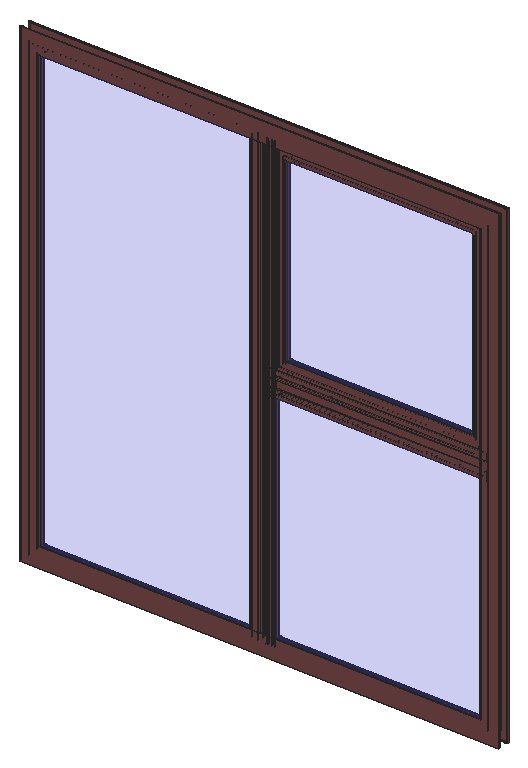
Revit family "PT, PS, 129, 159, 189, 219, 249, 1212, 1512,1215,1515,1815,1218,1518,1818 ", category Windows, host Wall, Revit 2016
Family settings
  Host = Wall
  OmniClass Number = 23.30.20.00
  OmniClass Title = Windows
  Always vertical = Yes
  Cut with Voids When Loaded = No
  Shared = No
  Room Calculation Point = No
Parameters (values of type "PT Type- 1212")
  URL = "http://www.robmeg.co.za/"
  Top hung = yes
  Side hung = no
  Side Glazing thickness = 4 mm
  Rough Height = 1219.2 mm
  Plaster = 5 mm
  Model = "PT 1212"
  Manufacturer = "Robmeg"  # constant formula
  Height = 1210 mm
  Glazing = Glass
  Description = "Anodized Aluminium"
  Default Sill Height = 914.4 mm
  Wall Closure = By host
  Width = 1210 mm
  Centre vert mullion = 610 mm
  Bottom mullion = 605 mm
  Bottom glazing thickness = 4 mm
  Author = "Inside"
  Aluminium anodized = Aluminium
Types (14, lengths in mm): name | Top hung | Side hung | Side Glazing thickness | Model | Height | Description | Width | Centre vert mullion | Bottom mullion | Bottom glazing thickness | Author
  (no name) | yes | no | 4 | "PT 1212" | 1210 | "Anodized Aluminium" | 1210 | 610 | 605 | 4 | "Inside"
  PT Type- 129 | yes | no | 4 | "PT 129" | 910 | "Anodized Aluminium" | 1210 | 610 | 300 | 4 | "Inside"
  PT Type- 159 | yes | no | 4 | "PT 159" | 910 | "Anodized Aluminium" | 1510 | 610 | 300 | 4 | "Inside"
  PT Type- 189 | yes | no | 4 | "PT 189" | 910 | "Anodized Alumium" | 1810 | 905 | 300 | 4 | "Inside"
  PT Type- 219 | no | yes | 4 | "PT 219" | 910 | "Anodized Alumium" | 2110 | 905 | 300 | 4 | "Inside"
  PT Type- 249 | no | yes | 4 | "PT 249" | 910 | "Anodized Alumium" | 2410 | 905 | 300 | 4 | "Inside"
  PS Type- 1215 | no | yes | 4 | "PS 1215" | 1510 | "Anodized Aluminium" | 1210 | 605 | 300 | 4 | ""
  PS Type-1515 | no | yes | 4 | "PS 1515" | 1510 | "Anodized Aluminium" | 1510 | 605 | 300 | 4 | "Inside"
  PS Type- 1815 | no | yes | 4 | "PS 1815" | 1510 | "Anodized Aluminium" | 1810 | 605 | 300 | 4 | "Inside"
  PS Type- 1218 | no | yes | 6 | "PS 1218" | 1510 | "Anodized Aluminium" | 1210 | 605 | 500 | 6 | "Inside"
  PS Type-1518 | no | yes | 6 | "PS 1518" | 1510 | "Anodized Aluminium" | 1510 | 605 | 500 | 6 | "Inside"
  PS Type- 1818 | no | yes | 6 | "PS 1818" | 1510 | "Anodized Aluminium" | 1810 | 605 | 500 | 6 | "Inside"
  PT Type- 1212 | yes | no | 4 | "PT 1212" | 1210 | "Anodized Aluminium" | 1210 | 610 | 605 | 4 | "Inside"
  PT Type- 1512 | yes | no | 4 | "PT 1512" | 1210 | "Anodized Aluminium" | 1510 | 610 | 605 | 4 | "Inside"
Reference planes
  plane 1 "Center (Front/Back)": y = 0
  plane 2: z = 0
  plane 3 "Center (Left/Right)": x = 0
  plane 4 "Left": x = -605
  plane 5 "Right": x = 605
  plane 6 "Sill": z = 914.4
  plane 7 "Top": z = 2124.4
  plane 8: x = -600
  plane 9: z = 2119.4
  plane 10: z = 919.4
  plane 11: x = 600
  plane 12 "Glass start": y = 1
  plane 13 "Glass end": y = -3
  plane 14: z = 1824.4
  plane 15: x = 297.5
  plane 16: x = -10
  plane 17: z = 1524.4
Forms (mm)
  Sweep 1, solid, material "Aluminium" <- "Aluminium anodized"
    path origin (0, 0, 0) x (1, 0, 0) y (0, 0, 1)
      loop
        line (600, 2119.4) -> (-600, 2119.4) -> (-600, 919.4) -> (600, 919.4) -> (600, 2119.4)
    profile "51741 : 51741" origin (0, 0, 2119.4) x (0, 0, -1) y (0, -1, 0)
      loop
        line (26.815, -14.05) -> (20.535, -14.05) -> (20.535, -10.19) -> (21.815, -10.19) -> (21.815, -7.3) -> (19.535, -7.3) -> (19.535, -14.05) -> (1.135, -14.05) -> (1.135, -10.95)
        arc (1.135, -10.95) -> (0.286, -11.301) -> (-0.065, -12.15) r 1.2
        line (-0.065, -12.15) -> (-0.065, -15.25) -> (30.515, -15.25) -> (30.515, -12.384) -> (28.015, -13.827) -> (28.015, 14.05) -> (29.515, 14.05) -> (29.515, 11.75)
        arc (29.515, 11.75) -> (30.015, 11.25) -> (30.515, 11.75) r 0.5
        line (30.515, 11.75) -> (30.515, 14.05) -> (39.515, 14.05) -> (39.515, 11.65) -> (41.896, 11.65) -> (41.896, 12.85) -> (40.715, 12.85) -> (40.715, 14.05) -> (46.215, 14.05) -> (46.215, 12.85) -> (45.215, 12.85) -> (45.215, 11.65) -> (47.415, 11.65) -> (47.415, 15.25) -> (-0.065, 15.25) -> (-0.065, 12.15)
        arc (-0.065, 12.15) -> (0.334, 11.455) -> (1.135, 11.45) r 0.804
        line (1.135, 11.45) -> (1.135, 14.05) -> (19.535, 14.05) -> (19.535, 7.3) -> (21.815, 7.3) -> (21.815, 10.19) -> (20.535, 10.19) -> (20.535, 14.05) -> (26.815, 14.05) -> (26.815, -14.05)
  Sweep 2, solid, material "Aluminium" <- "Aluminium anodized"
    path origin (0, 0, 0) x (1, 0, 0) y (0, 0, 1)
      loop
        line (600, 2119.4) -> (-10, 2119.4) -> (-10, 1524.4) -> (600, 1524.4) -> (600, 2119.4)
    profile "H10197 : H10197" origin (295, 0, 2119.4) x (0, 0, -1) y (0, -1, 0)
      loop
        line (43.095, 8.408) -> (43.095, -19.692) -> (49.375, -19.692) -> (49.375, -14.812)
        arc (49.375, -14.812) -> (48.125, -13.562) -> (49.375, -12.312) r 1.25
        line (49.375, -12.312) -> (49.375, 1.008)
        arc (49.375, 1.008) -> (48.125, 2.258) -> (49.375, 3.508) r 1.25
        line (49.375, 3.508) -> (49.375, 8.408) -> (43.095, 8.408)
      loop
        line (41.895, 8.128) -> (41.895, -5.218) -> (41.895, -19.692) -> (40.495, -19.692) -> (40.495, -17.512)
        arc (40.495, -17.512) -> (39.995, -17.012) -> (39.495, -17.512) r 0.5
        line (39.495, -17.512) -> (39.495, -19.692) -> (30.495, -19.692) -> (30.495, -17.492) -> (28.345, -17.492)
        arc (28.345, -17.492) -> (27.845, -17.992) -> (28.345, -18.492) r 0.5
        line (28.345, -18.492) -> (29.295, -18.492) -> (29.295, -19.692) -> (23.795, -19.692) -> (23.795, -18.378) -> (24.706, -18.378)
        arc (24.706, -18.378) -> (25.206, -17.878) -> (24.706, -17.378) r 0.5
        line (24.706, -17.378) -> (23.784, -17.378)
        arc (23.784, -17.378) -> (23.137, -16.895) -> (22.595, -17.493) r 0.6
        line (22.595, -17.493) -> (22.595, -20.892) -> (53.175, -20.892) -> (53.175, -18.892)
        arc (53.175, -18.892) -> (51.875, -18.322) -> (50.575, -18.892) r 1.767
        line (50.575, -18.892) -> (50.575, -6.066) -> (50.575, 7.908)
        arc (50.575, 7.908) -> (51.375, 8.708) -> (52.175, 7.908) r 0.8
        line (52.175, 7.908) -> (52.175, 6.228)
        arc (52.175, 6.228) -> (52.675, 5.728) -> (53.175, 6.228) r 0.5
        line (53.175, 6.228) -> (53.175, 8.408) -> (62.175, 8.408) -> (62.175, 6.208) -> (64.325, 6.208)
        arc (64.325, 6.208) -> (64.825, 6.708) -> (64.325, 7.208) r 0.5
        line (64.325, 7.208) -> (63.375, 7.208) -> (63.375, 8.408) -> (68.875, 8.408) -> (68.875, 7.208) -> (67.925, 7.208)
        arc (67.925, 7.208) -> (67.425, 6.708) -> (67.925, 6.208) r 0.5
        line (67.925, 6.208) -> (68.875, 6.208)
        arc (68.875, 6.208) -> (69.474, 5.608) -> (70.075, 6.207) r 0.6
        line (70.075, 6.207) -> (70.075, 9.608) -> (39.495, 9.608) -> (39.495, 6.742) -> (41.895, 8.128)
  Sweep 3, solid, material "Aluminium" <- "Aluminium anodized"
    path origin (0, 0, 0) x (1, 0, 0) y (0, 0, 1)
      loop
        line (-10, 2119.4) -> (-10, 1524.4) -> (600, 1524.4) -> (600, 2119.4) -> (-10, 2119.4)
    profile "glazing gasket : glazing gasket" origin (-10, 0, 1821.9) x (1, 0, 0) y (0, -1, 0)
      loop
        line (53.254, -17.23) -> (53.254, -20.244) -> (69.855, -5.509)
        arc (69.855, -5.509) -> (69.76, -4.756) -> (69.092, -5.117) r 0.46
        line (69.092, -5.117) -> (67.564, -6.473) -> (66.198, -4.108) -> (65.274, -4.108) -> (66.736, -6.639) -> (61.74, -6.639) -> (63.22, -4.077) -> (51.988, -4.077) -> (51.988, 8.186) -> (51.188, 8.186) -> (51.188, -4.877) -> (61.834, -4.877) -> (60.355, -7.439) -> (66.475, -7.439) -> (54.054, -18.464) -> (54.054, -15.845) -> (50.954, -17.634) -> (50.954, -18.558) -> (53.254, -17.23)
  Extrusion 4, solid, material "Glass" <- "Glazing"
    sketch origin (0, 0, 914.4) x (0, -1, 0) y (1, 0, 0)
      loop
        line (-1, 44.054) -> (3, 44.054) -> (3, 545.946) -> (-1, 545.946) -> (-1, 44.054)
    from 664.054 to 1150.946
  Sweep 5, solid, material "Aluminium" <- "Aluminium anodized"
    path origin (0, 0, 0) x (1, 0, 0) y (0, 0, 1)
      loop
        line (-10, 949.915) -> (-10, 2088.885)
    profile "H10196 : H10196" origin (-10, 0, 1519.4) x (-1, 0, 0) y (0, -1, 0)
      loop
        line (-26.642, -14.247) -> (-6.442, -14.247) -> (-6.442, -4.217)
        arc (-6.442, -4.217) -> (-6.571, -3.479) -> (-7.319, -3.432) r 0.606
        arc (-7.319, -3.432) -> (-9.371, -3.891) -> (-11.294, -3.04) r 3.36
        arc (-11.294, -3.04) -> (-11.351, -1.925) -> (-10.235, -1.868) r 0.79
        arc (-10.235, -1.868) -> (-7.262, -0.547) -> (-10.235, 0.774) r 1.78
        arc (-10.235, 0.774) -> (-11.351, 0.83) -> (-11.294, 1.946) r 0.79
        arc (-11.294, 1.946) -> (-9.49, 2.783) -> (-7.529, 2.453) r 3.36
        arc (-7.529, 2.453) -> (-6.798, 2.484) -> (-6.442, 3.123) r 0.75
        line (-6.442, 3.123) -> (-6.442, 9.653) -> (-26.642, 9.653) -> (-26.642, 3.123)
        arc (-26.642, 3.123) -> (-26.285, 2.484) -> (-25.554, 2.453) r 0.75
        arc (-25.554, 2.453) -> (-23.593, 2.783) -> (-21.789, 1.946) r 3.36
        arc (-21.789, 1.946) -> (-21.733, 0.83) -> (-22.848, 0.774) r 0.79
        arc (-22.848, 0.774) -> (-25.822, -0.547) -> (-22.848, -1.868) r 1.78
        arc (-22.848, -1.868) -> (-21.733, -1.925) -> (-21.789, -3.04) r 0.79
        arc (-21.789, -3.04) -> (-23.593, -3.877) -> (-25.554, -3.548) r 3.36
        arc (-25.554, -3.548) -> (-26.285, -3.579) -> (-26.642, -4.217) r 0.75
        line (-26.642, -4.217) -> (-26.642, -14.247)
      loop
        line (-30.542, -15.547) -> (-2.542, -15.547) -> (-2.542, -12.681) -> (-5.142, -14.182) -> (-5.142, -2.597) -> (-5.942, -1.797) -> (-5.942, 0.903) -> (-5.142, 1.503) -> (-5.142, 13.153)
        arc (-5.142, 13.153) -> (-4.342, 13.653) -> (-3.542, 13.153) r 0.89
        line (-3.542, 13.153) -> (-3.542, 11.653)
        arc (-3.542, 11.653) -> (-3.042, 11.153) -> (-2.542, 11.653) r 0.5
        line (-2.542, 11.653) -> (-2.542, 13.653) -> (6.258, 13.653) -> (6.258, 11.604) -> (8.477, 11.604)
        arc (8.477, 11.604) -> (8.933, 12.012) -> (8.508, 12.453) r 0.425
        line (8.508, 12.453) -> (7.558, 12.453) -> (7.558, 13.653) -> (13.058, 13.653) -> (13.058, 12.453) -> (12.108, 12.453)
        arc (12.108, 12.453) -> (11.683, 12.028) -> (12.108, 11.603) r 0.425
        line (12.108, 11.603) -> (13.058, 11.603)
        arc (13.058, 11.603) -> (13.708, 10.953) -> (14.358, 11.603) r 0.65
        line (14.358, 11.603) -> (14.358, 14.953) -> (-6.442, 14.953) -> (-6.442, 10.953) -> (-26.642, 10.953) -> (-26.642, 14.953) -> (-47.442, 14.953) -> (-47.442, 11.603)
        arc (-47.442, 11.603) -> (-46.792, 10.953) -> (-46.142, 11.603) r 0.65
        line (-46.142, 11.603) -> (-45.192, 11.603)
        arc (-45.192, 11.603) -> (-44.767, 12.028) -> (-45.192, 12.453) r 0.425
        line (-45.192, 12.453) -> (-46.142, 12.453) -> (-46.142, 13.653) -> (-40.642, 13.653) -> (-40.642, 12.453) -> (-41.592, 12.453)
        arc (-41.592, 12.453) -> (-42.016, 12.012) -> (-41.56, 11.604) r 0.425
        line (-41.56, 11.604) -> (-39.342, 11.604) -> (-39.342, 13.653) -> (-30.542, 13.653) -> (-30.542, 11.653)
        arc (-30.542, 11.653) -> (-30.042, 11.153) -> (-29.542, 11.653) r 0.5
        line (-29.542, 11.653) -> (-29.542, 13.153)
        arc (-29.542, 13.153) -> (-28.742, 13.653) -> (-27.942, 13.153) r 0.89
        line (-27.942, 13.153) -> (-27.942, 1.503) -> (-27.142, 0.903) -> (-27.142, -1.997) -> (-27.942, -2.597) -> (-27.942, -14.182) -> (-30.542, -12.681) -> (-30.542, -15.547)
  Sweep 6, solid, material "Aluminium" <- "Aluminium anodized"
    path origin (0, 0, 0) x (1, 0, 0) y (0, 0, 1)
      loop
        line (-560.485, 958.915) -> (-16.258, 958.915) -> (-16.258, 2079.885) -> (-560.485, 2079.885) -> (-560.485, 958.915)
    profile "glazing gasket : glazing gasket" origin (-560.485, 0, 1519.4) x (-1, 0, 0) y (0, -1, 0)
      loop
        line (8.795, -11.988) -> (11.095, -13.316) -> (11.095, -12.392) -> (7.995, -10.603) -> (7.995, -13.222) -> (-4.427, -2.197) -> (1.694, -2.197) -> (0.214, 0.365) -> (10.86, 0.365) -> (10.86, 13.428) -> (10.06, 13.428) -> (10.06, 1.165) -> (-1.171, 1.165) -> (0.308, -1.397) -> (-4.687, -1.397) -> (-3.226, 1.134) -> (-4.15, 1.134) -> (-5.515, -1.231) -> (-7.043, 0.125)
        arc (-7.043, 0.125) -> (-7.711, 0.486) -> (-7.806, -0.267) r 0.46
        line (-7.806, -0.267) -> (8.795, -15.002) -> (8.795, -11.988)
  Extrusion 7, solid, material "Glass" <- "Glazing"
    sketch origin (-540.855, -3, 1219.2) x (-1, 0, 0) y (0, 0, 1)
      loop
        line (-530.855, 868.68) -> (-530.855, -268.28) -> (27.625, -268.28) -> (27.625, 868.68) -> (-530.855, 868.68)
    from 0 to -4
  Sweep 8, solid, material "Aluminium" <- "Aluminium anodized"
    path origin (0, 0, 0) x (1, 0, 0) y (0, 0, 1)
      loop
        line (569.485, 1524.4) -> (20.542, 1524.4)
    profile "H10196 : H10196" origin (295.013, 0, 1524.4) x (0, 0, -1) y (0, -1, 0)
      loop
        line (-26.639, -13.989) -> (-6.439, -13.989) -> (-6.439, -3.959)
        arc (-6.439, -3.959) -> (-6.568, -3.221) -> (-7.316, -3.174) r 0.606
        arc (-7.316, -3.174) -> (-9.368, -3.633) -> (-11.291, -2.782) r 3.36
        arc (-11.291, -2.782) -> (-11.348, -1.667) -> (-10.232, -1.61) r 0.79
        arc (-10.232, -1.61) -> (-7.259, -0.289) -> (-10.232, 1.032) r 1.78
        arc (-10.232, 1.032) -> (-11.348, 1.088) -> (-11.291, 2.204) r 0.79
        arc (-11.291, 2.204) -> (-9.487, 3.041) -> (-7.526, 2.711) r 3.36
        arc (-7.526, 2.711) -> (-6.795, 2.742) -> (-6.439, 3.381) r 0.75
        line (-6.439, 3.381) -> (-6.439, 9.911) -> (-26.639, 9.911) -> (-26.639, 3.381)
        arc (-26.639, 3.381) -> (-26.282, 2.742) -> (-25.551, 2.711) r 0.75
        arc (-25.551, 2.711) -> (-23.59, 3.041) -> (-21.786, 2.204) r 3.36
        arc (-21.786, 2.204) -> (-21.73, 1.088) -> (-22.845, 1.032) r 0.79
        arc (-22.845, 1.032) -> (-25.819, -0.289) -> (-22.845, -1.61) r 1.78
        arc (-22.845, -1.61) -> (-21.73, -1.667) -> (-21.786, -2.782) r 0.79
        arc (-21.786, -2.782) -> (-23.59, -3.619) -> (-25.551, -3.29) r 3.36
        arc (-25.551, -3.29) -> (-26.282, -3.321) -> (-26.639, -3.959) r 0.75
        line (-26.639, -3.959) -> (-26.639, -13.989)
      loop
        line (-30.539, -15.289) -> (-2.539, -15.289) -> (-2.539, -12.423) -> (-5.139, -13.924) -> (-5.139, -2.339) -> (-5.939, -1.539) -> (-5.939, 1.161) -> (-5.139, 1.761) -> (-5.139, 13.411)
        arc (-5.139, 13.411) -> (-4.339, 13.911) -> (-3.539, 13.411) r 0.89
        line (-3.539, 13.411) -> (-3.539, 11.911)
        arc (-3.539, 11.911) -> (-3.039, 11.411) -> (-2.539, 11.911) r 0.5
        line (-2.539, 11.911) -> (-2.539, 13.911) -> (6.261, 13.911) -> (6.261, 11.862) -> (8.48, 11.862)
        arc (8.48, 11.862) -> (8.936, 12.27) -> (8.511, 12.711) r 0.425
        line (8.511, 12.711) -> (7.561, 12.711) -> (7.561, 13.911) -> (13.061, 13.911) -> (13.061, 12.711) -> (12.111, 12.711)
        arc (12.111, 12.711) -> (11.686, 12.286) -> (12.111, 11.861) r 0.425
        line (12.111, 11.861) -> (13.061, 11.861)
        arc (13.061, 11.861) -> (13.711, 11.211) -> (14.361, 11.861) r 0.65
        line (14.361, 11.861) -> (14.361, 15.211) -> (-6.439, 15.211) -> (-6.439, 11.211) -> (-26.639, 11.211) -> (-26.639, 15.211) -> (-47.439, 15.211) -> (-47.439, 11.861)
        arc (-47.439, 11.861) -> (-46.789, 11.211) -> (-46.139, 11.861) r 0.65
        line (-46.139, 11.861) -> (-45.189, 11.861)
        arc (-45.189, 11.861) -> (-44.764, 12.286) -> (-45.189, 12.711) r 0.425
        line (-45.189, 12.711) -> (-46.139, 12.711) -> (-46.139, 13.911) -> (-40.639, 13.911) -> (-40.639, 12.711) -> (-41.589, 12.711)
        arc (-41.589, 12.711) -> (-42.013, 12.27) -> (-41.557, 11.862) r 0.425
        line (-41.557, 11.862) -> (-39.339, 11.862) -> (-39.339, 13.911) -> (-30.539, 13.911) -> (-30.539, 11.911)
        arc (-30.539, 11.911) -> (-30.039, 11.411) -> (-29.539, 11.911) r 0.5
        line (-29.539, 11.911) -> (-29.539, 13.411)
        arc (-29.539, 13.411) -> (-28.739, 13.911) -> (-27.939, 13.411) r 0.89
        line (-27.939, 13.411) -> (-27.939, 1.761) -> (-27.139, 1.161) -> (-27.139, -1.739) -> (-27.939, -2.339) -> (-27.939, -13.924) -> (-30.539, -12.423) -> (-30.539, -15.289)
  Sweep 9, solid, material "Aluminium" <- "Aluminium anodized"
    path origin (0, 0, 0) x (1, 0, 0) y (0, 0, 1)
      loop
        line (560.485, 958.915) -> (560.485, 1518.139) -> (29.342, 1518.139) -> (29.342, 958.915) -> (560.485, 958.915)
    profile "glazing gasket : glazing gasket" origin (294.913, 0, 958.915) x (0, 0, -1) y (0, -1, 0)
      loop
        line (8.769, -11.859) -> (11.069, -13.187) -> (11.069, -12.263) -> (7.969, -10.473) -> (7.969, -13.093) -> (-4.453, -2.068) -> (1.668, -2.068) -> (0.189, 0.495) -> (10.835, 0.495) -> (10.835, 13.557) -> (10.035, 13.557) -> (10.035, 1.295) -> (-1.197, 1.295) -> (0.283, -1.268) -> (-4.713, -1.268) -> (-3.251, 1.264) -> (-4.175, 1.264) -> (-5.541, -1.102) -> (-7.069, 0.254)
        arc (-7.069, 0.254) -> (-7.737, 0.615) -> (-7.832, -0.138) r 0.46
        line (-7.832, -0.138) -> (8.769, -14.873) -> (8.769, -11.859)
  Extrusion 10, solid, material "Glass" <- "Glazing"
    sketch origin (-540.855, -3, 1219.2) x (-1, 0, 0) y (0, 0, 1)
      loop
        line (-1109.309, 306.908) -> (-1109.309, -268.254) -> (-562.228, -268.254) -> (-562.228, 306.908) -> (-1109.309, 306.908)
    from 0 to -4
Lines and regions (mm)
  Opening 1
    outline origin (-1524, -76.2, 0) x (1, 0, 0) y (0, 0, 1)
      loop
        line (919, 2124.4) -> (919, 914.4) -> (2129, 914.4) -> (2129, 2124.4) -> (919, 2124.4)
  symbolic lines, style "Elevation Swing", visible <- "Top hung"
    curve 1: line (577.426, 0, 2096.826) -> (295.013, 0, 1526.939)
    curve 2: line (295.013, 0, 1526.939) -> (12.574, 0, 2096.826)
  symbolic lines, style "Elevation Swing", visible <- "Side hung"
    curve 3: line (577.426, 0, 2096.826) -> (-7.464, 0, 1828.55)
    curve 4: line (-7.464, 0, 1828.55) -> (577.426, 0, 1546.974)
Text (mm)
  text "EXTERIOR" at (-1490.695, 1293.036, 0), in view "Ref. Level"
  text "INTERIOR" at (-1490.695, -959.266, 0), in view "Ref. Level"
  text "Exterior" at (0, 1108.87, 3129.179), in view "Left"
  text "Exterior" at (0, 464.664, 3176.206), in view "Right"
Dimensions and locks
  equal spacing: plane 4 "Left", plane 3 "Center (Left/Right)", plane 5 "Right"
  "Width": plane 4 "Left" to plane 5 "Right"
  "Height": plane 6 "Sill" to plane 7 "Top"
  "Default Sill Height": plane 2 to plane 6 "Sill"
  "Plaster": plane 9 to plane 7 "Top"
  "Plaster": plane 6 "Sill" to plane 10
  "Plaster": plane 11 to plane 5 "Right"
  "Plaster": plane 4 "Left" to plane 8
  equal spacing: plane 17, plane 14, plane 7 "Top"
  "Centre vert mullion": plane 16 to plane 11
  equal spacing: plane 16, plane 15, plane 5 "Right"
  "Bottom mullion": plane 10 to plane 17
  "Bottom glazing thickness": Extrusion 10 to Extrusion 10
  "Side Glazing thickness": Extrusion 7 to Extrusion 7
  aligned and locked: plane 7 "Top" to Opening 1 sketch curve
  aligned and locked: plane 6 "Sill" to Opening 1 sketch curve  (x2)
  aligned and locked: plane 5 "Right" to Opening 1 sketch curve
  aligned and locked: plane 4 "Left" to Opening 1 sketch curve
  aligned and locked: level to plane 2
  aligned and locked: plane 9 to Sweep 1 sketch curve
  aligned and locked: plane 11 to Sweep 1 sketch curve
  aligned and locked: plane 10 to Sweep 1 sketch curve
  aligned and locked: plane 8 to Sweep 1 sketch curve
  aligned and locked: plane 9 to Sweep 2 sketch curve
  aligned and locked: plane 11 to Sweep 2 sketch curve
  aligned and locked: plane 9 to Sweep 3 sketch curve
  aligned and locked: plane 11 to Sweep 3 sketch curve
  aligned and locked: plane 12 "Glass start" to Extrusion 4 sketch curve
  aligned and locked: Extrusion 4 sketch curve to plane 13 "Glass end"
  aligned and locked: Sweep 3 to Extrusion 4 sketch curve
  aligned and locked: Extrusion 4 sketch curve to Sweep 3
  aligned and locked: Extrusion 4 to Sweep 3
  aligned and locked: Sweep 3 to Extrusion 4
  aligned and locked: Sweep 1 to Sweep 5 sketch curve  (x2)
  aligned and locked: Sweep 6 sketch curve to Sweep 1  (x3)
  aligned and locked: Sweep 6 sketch curve to Sweep 5
  aligned and locked: Sweep 6 to Extrusion 7  (x2)
  aligned and locked: Extrusion 7 to Sweep 6
  aligned and locked: Sweep 5 sketch curve to plane 16
  aligned and locked: Sweep 2 sketch curve to plane 16
  aligned and locked: Sweep 3 sketch curve to plane 16
  aligned and locked: Extrusion 7 to plane 16
  aligned and locked: plane 17 to Sweep 2 sketch curve
  aligned and locked: plane 17 to Sweep 3 sketch curve
  aligned and locked: plane 17 to Sweep 8 sketch curve
  aligned and locked: Sweep 1 to Sweep 8 sketch curve
  aligned and locked: Sweep 5 to Sweep 8 sketch curve
  aligned and locked: Sweep 9 sketch curve to Sweep 1  (x2)
  aligned and locked: Sweep 9 sketch curve to Sweep 8
  aligned and locked: Sweep 9 sketch curve to Sweep 5
  aligned and locked: Sweep 9 to Extrusion 10
  aligned and locked: Extrusion 10 to Sweep 9  (x3)
Automatic sketch dimensions
  Extrusion 7 sketch curve to plane 8 = 31.52 mm
  plane 10 to Extrusion 7 sketch curve = 31.52 mm
  Extrusion 7 sketch curve to plane 9 = 31.52 mm
  Extrusion 7 sketch curve to plane 3 "Center (Left/Right)" = 10 mm
  plane 11 to Extrusion 10 sketch curve = 31.546 mm
  Extrusion 10 sketch curve to plane 16 = 31.373 mm
  plane 10 to Extrusion 10 sketch curve = 31.546 mm
  plane 17 to Extrusion 10 sketch curve = 1.708 mm
  curve 4 to plane 16 = 2.536 mm
  plane 15 to curve 2 = 2.487 mm
  plane 11 to curve 3 = 22.574 mm
  plane 17 to curve 1 = 2.539 mm
  plane 14 to curve 3 = 4.15 mm
  curve 3 to plane 9 = 22.574 mm
  curve 2 to plane 16 = 22.574 mm
  plane 11 to curve 4 = 22.574 mm
  plane 17 to curve 4 = 22.574 mm
  curve 2 to plane 9 = 22.574 mm
